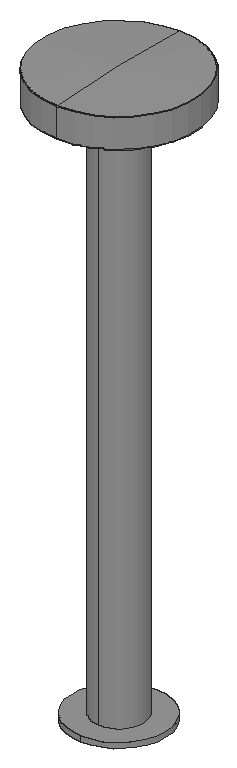
Revit family "PLIN 6.1", category Lighting Fixtures, Revit 2020
Family settings
  Round Connector Dimension = Use Diameter
  Part Type = Normal
  OmniClass Number = 23.80.70.00
  OmniClass Title = Lighting
  Work Plane-Based = Yes
  Always vertical = No
  Cut with Voids When Loaded = No
  Light Source = No
  Shared = No
  Room Calculation Point = Yes
Parameters (values of type "PLIN 6.1 A (3000K 14W 230Vac)")
  Wiring = "-"
  Width mm = 155 mm
  Weight kg = "2.50 kg"
  Vertical rotation max = 0.00°
  URL Accessories and power supply units = "https://www.lucelight.it/en/prodotto.php/144441#a-scheda-accessori"
  URL = "https://www.lucelight.it/en/prodotto.php/144441"
  URL Technical sheet = "-"
  URL Image = "https://www.lucelight.it/en/prodotto-foto.php/144441"
  URL IES Photometric file = "https://www.lucelight.it/media/prodotti/fotometrie/plin_6.1_ies.zip"
  URL General code = "https://www.lucelight.it/en/prodotto.php/144441#a-generacodice"
  URL Description = "https://www.lucelight.it/en/capitolato.php/144441"
  URL DXF = "https://www.lucelight.it/media/prodotti/dxf/plin_6.1.dxf"
  URL Catalogue = "-"
  Power supply unit = "built-in\r\nnot included\r\nbuilt-in"
  Power supply = "230Vac"
  Power cables = "-"
  Power = "14W"
  Optics = "asymmetrical circular"
  No. and type of led = "8 power LEDs, 2-step MacAdam, 60 000h L90 B10 (Ta 25°C)"
  Model = "Plin 6.1"
  Manufacturer = "L&L Luce&Light"
  Notes = "Non-standard heights available on request"
  Mounting = "surface mounted (floor)"
  Material = "Head in aluminium, column in AISI 316L stainless steel. Screen in serigraphed, acid-etched, tempered extra-clear glass"
  Lumen output at source = "1560 lm (3000K)"
  Horizontal rotation max = 0.00°
  Description = "Bollards for outdoor applications"
  Default Elevation = 1219.2 mm
  Body = L&L_Anticorodal aluminium
  Lens = L&L_Tempered extra-clear glass
  Length mm = 155 mm
  LED Colour = "2000K, 3000K, 4000K"
  IP = "IP65"
  Height mm = 585 mm
  Features = "-"
  Energy efficiency class = "A A+ A++"
  Delivered lumen output = "1160 lm (3000K)"
  Cutout dimensions = "-"
  Control system = "0/1-10V, ON/OFF, DALI"
  Contact = "T: +39 0444 360571; E: lucelight@lucelight.it"
  Company = "L&L Luce&Light"
  Code = "-"
  CRI = "CRI 80"
  Apparent Load Phase 1 = 4.5 W
Reference planes
  plane 1 "Light Source Axis (F/B)": y = 0
  plane 2: z = 0
  plane 3 "Light Source Axis (L/R)": x = 0
  plane 4 "Light Source Elevation": z = 29
  plane 5: z = 111
Lines and regions (mm)
  reference lines
    curve 1: line (0, 0, 0) -> (-10, 0, 0)
Dimensions and locks
  aligned and locked: level to plane 2
Nested families
  nested 1: "Light source PLIN 6.1" at (11.952, 40.727, 560.4) x (-1, 0, 0) z (0, 0, -1), type "PLIN 6.1 A (3000K 14W 230Vac) h585"
  nested 2: "PLIN 6.1_mod" at (0, 0, 5.2) x (0, 1, 0) z (0, 0, 1), type "PLIN 6.1_mod"
    with Width 37 mm, Type 3 yes, Type 2 no, Length Base 388.914 mm, Length 616 mm
Connectors
  electrical at (0, 0, 0), driven by "Apparent Load Phase 1"
    settings: index 1, voltage 500 V, apparent load 0 VA, apparent load phase1 4.5 VA, apparent load phase2 0 VA, apparent load phase3 0 VA, power factor 1, load classification "Lighting", number of poles 1, system type 31, power factor state 1, is connector primary yes, connector utility no, sub classification motor no, connector description ""
Definition of nested family "PLIN 6.1_mod"
  Parameters (values of type "PLIN 6.1_mod")
    Width [instance] = 37 mm
    Type 3 [instance] = yes
    Type 2 [instance] = no
    Rotazione = 90.00°
    Lens = none
    Length Base [instance] = 388.914 mm
    Length [instance] = 616 mm
    Default Elevation = 1219.2 mm
    Body = none
  Reference planes
    plane 1 "Light Source Axis (F/B)": y = 0
    plane 2: z = 0
    plane 3 "Light Source Axis (L/R)": x = 0
    plane 4 "Light Source Elevation": z = 5.2
  Forms (mm)
    Extrusion 1, solid, material <- "Body", detail levels medium+fine
      sketch origin (0, 0, 0) x (1, 0, 0) y (0, 1, 0)
        loop
          circle (0, 0) r 47.5
      from 0 to 5.2
    Extrusion 2, solid, material <- "Body", detail levels medium+fine
      sketch origin (0, 0, 0) x (1, 0, 0) y (0, 1, 0)
        loop
          circle (0, 0) r 25
      from 5.2 to 555.2
    Sweep 3, solid, material <- "Body", detail levels fine
      path in 3D
        loop
          arc (-77.5, 0, 555.2) -> (0, -77.5, 555.2) -> (77.5, 0, 555.2) r 77.5
          arc (77.5, 0, 555.2) -> (0, 77.5, 555.2) -> (-77.5, 0, 555.2) r 77.5
      profile origin (0, 77.5, 555.2) x (0, -1, 0) y (0, 0, 1)
        loop
          line (0.56, 0) -> (3.491, 0) -> (3.491, 2.705) -> (77.49, 2.705) -> (77.49, 32.7) -> (0.56, 30.02) -> (0, 29.46) -> (0, 0.56) -> (0.56, 0)
    Extrusion 4, solid, material <- "Lens", detail levels medium+fine
      sketch origin (0, 0, 555.2) x (1, 0, 0) y (0, -1, 0)
        loop
          circle (0, 0) r 74.009
        loop
          circle (0, 0) r 25
      from -2.705 to 0
    Extrusion 5, solid, material <- "Body", detail levels coarse+medium
      sketch origin (0, 0, 550) x (1, 0, 0) y (0, 1, 0)
        loop
          circle (0, 0) r 77.5
      from 5.2 to 35.22
    Extrusion 6, solid, material <- "Body", detail levels coarse
      sketch origin (0, 0, 0) x (1, 0, 0) y (0, 1, 0)
        loop
          circle (0, 0) r 47.5
      from 0 to 555.2
  Lines and regions (mm)
    sketch lines
      curve 1: circle (0, 0, 555.2) r 77.5 normal (0, 0, 1)
  Dimensions and locks
    level to plane 4 "Light Source Elevation" = 5.2 mm
    aligned and locked: level to plane 2
Definition of nested family "Light source PLIN 6.1"
  Parameters (values of type "PLIN 6.1 A (3000K 14W 230Vac) h585")
    Wattage = 10.5021 W
    built-in parameter 1150110 = 1 (stored number, unit not read)
    built-in parameter 1114217 = 1 (stored number, unit not read)
    Tilt Angle = -90.00°
    built-in parameter 1150109 = 1 (stored number, unit not read)
    built-in parameter 1150134 = (empty or 0)
    built-in parameter 1150113 = 1 (stored number, unit not read)
    Photometric Web File = "PLIN 6.1 A [3000K 14W 230Vac] h585.IES"
    Lumens = 1560 lm
    built-in parameter 1150115 = 1 (stored number, unit not read)
    built-in parameter 1150105 = 755.59 (stored number, unit not read)
    built-in parameter 1150137 = (empty or 0)
    built-in parameter 1150139 = (empty or 0)
    built-in parameter 1150112 = 1 (stored number, unit not read)
    built-in parameter 1150114 = 1 (stored number, unit not read)
    built-in parameter 1150132 = 2
    built-in parameter 1150102 = (empty or 0)
    built-in parameter 1150138 = (empty or 0)
    built-in parameter 1150107 = 3000 (stored number, unit not read)
    built-in parameter 1150106 = 7.5559 (stored number, unit not read)
    built-in parameter 1150104 = 13.8 (stored number, unit not read)
    Dimming Lamp Color Temperature Shift = (empty or 0)
    Default Elevation = 1219.2 mm
    Color Filter = 16777215
    built-in parameter 1114218 = 1 (stored number, unit not read)
    built-in parameter 1150133 = 10 (stored number, unit not read)
  Reference planes
    plane 1 "Light Source Axis (F/B)": y = 0
    plane 2: z = 0
    plane 3 "Light Source Axis (L/R)": x = 0
    plane 4 "Light Source Elevation": z = 0
  Dimensions and locks
    aligned and locked: plane 3 "Light Source Axis (L/R)" to imposter light
    aligned and locked: plane 1 "Light Source Axis (F/B)" to imposter light
    aligned and locked: plane 4 "Light Source Elevation" to imposter light
    aligned and locked: level to plane 2
